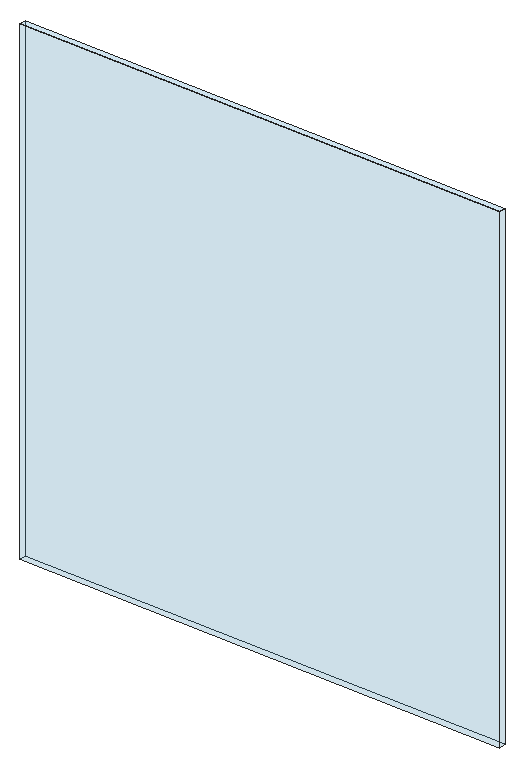
Revit family
Parameters (values of type "72" x 72"")
  Sealant = 0' - 0 3/8"
  Pocket Depth [instance] = 0' - 0 1/2"
  Head Height = Sill Height + Rough Height - Sealant  # 8' - 11 5/8"
  Depth [instance] = 0' - 3"
  Sill Height = 3' - 0"
  Rough Width = 6' - 0"
  Rough Height = 6' - 0"
  Model = "AFG301"
  Material = ""
  Manufacturer = "Arcadia"
  Sightline = 0' - 2 3/8"
  Height = Rough Height - Sealant - Sealant  # 5' - 11 1/4"
  Wall Closure = (empty or 0)
  Width = Rough Width - Sealant - Sealant  # 5' - 11 1/4"
  Glass Thickness [instance] = 0' - 1"
  Offset to Inside Face of Glass [instance] = 0' - 1 17/32"
  Construction Type = "Aluminum"
  Center of Rough Opening [instance] = Rough Width / 2  # 3' - 0"
  Center of Glass [instance] = Glass Thickness / 2  # 0' - 0 1/2"
  Center Wall to Outside Face [instance] = 0' - 2 7/8"
  CSI [instance] = yes
  Assembly Code = ""
Reference planes (in)
  plane 1 "Center (Front/Back)": y = 0
  plane 2: z = 0
  plane 3 "Center (Left/Right)": x = 12
  plane 4 "Rough Opening Bottom": z = 36
  plane 5 "Rough Opening Top": z = 108
  plane 6 "Exterior Face": y = 3.25
  plane 7 "Frame Top": z = 105.625
  plane 8 "Frame Bottom": z = 38.375
  plane 9 "Rough Opening Left": x = -24
  plane 10 "Rough Opening Right": x = 48
  plane 11 "Frame Left": x = -21.625
  plane 12 "Frame Right": x = 45.625
  plane 13 "Exterior Glass Edge": y = 1.58019
  plane 14 "Interior Glass Edge": y = 0.58019
  plane 15 "Glass Centerline": y = 1.08019
  plane 16 "Frame Outside": y = 2.04894
  plane 17 "Frame Inside": y = -0.95106
  plane 18: z = 106.125
  plane 19: z = 37.875
  plane 20: x = 46.125
  plane 21: x = -22.125
  plane 22: x = 47.625
  plane 23: x = -23.625
  plane 24: z = 107.625
  plane 25: z = 36.375
Forms (in)
  Extrusion 1, solid, material "Anodize Arcadia AC2 Clear #11", detail levels coarse
    sketch origin (0, 0, 36) x (0, -1, 0) y (1, 0, 0)
      loop
        line (-2.04894, -24) -> (0.95106, -24) -> (0.95106, -21.625) -> (-0.58019, -21.625) -> (-0.58019, -22.125) -> (-1.58019, -22.125) -> (-1.58019, -21.625) -> (-2.04894, -21.625) -> (-2.04894, -24)
    from 0 to 72 <- "Rough Height"
  Extrusion 2, solid, material "Anodize Arcadia AC2 Clear #11", detail levels coarse
    sketch origin (0, 0, 36) x (0, -1, 0) y (1, 0, 0)
      loop
        line (-2.04894, 45.625) -> (-1.58019, 45.625) -> (-1.58019, 46.125) -> (-0.58019, 46.125) -> (-0.58019, 45.625) -> (0.95106, 45.625) -> (0.95106, 48) -> (-2.04894, 48) -> (-2.04894, 45.625)
    from 0 to 72 <- "Rough Height"
  Extrusion 3, solid, material "Glass"
    sketch origin (-0.5, 0, 36) x (0, -1, 0) y (1, 0, 0)
      loop
        line (-1.58019, -21.625) -> (-0.58019, -21.625) -> (-0.58019, 46.625) -> (-1.58019, 46.625) -> (-1.58019, -21.625)
    from 1.875 to 70.125
  Extrusion 4, solid, material "Anodize Arcadia AC2 Clear #11", detail levels coarse
    sketch origin (-24, 0, 0) x (0, 1, 0) y (0, 0, 1)
      loop
        line (-0.95106, 108) -> (-0.95106, 105.625) -> (0.58019, 105.625) -> (0.58019, 106.125) -> (1.58019, 106.125) -> (1.58019, 105.625) -> (2.04894, 105.625) -> (2.04894, 108) -> (-0.95106, 108)
    from 0 to 72 <- "Rough Width"
  Extrusion 5, solid, material "Anodize Arcadia AC2 Clear #11", detail levels coarse
    sketch origin (-24, 0, 0) x (0, 1, 0) y (0, 0, 1)
      loop
        line (2.04894, 38.375) -> (1.58019, 38.375) -> (1.58019, 37.875) -> (0.58019, 37.875) -> (0.58019, 38.375) -> (-0.95106, 38.375) -> (-0.95106, 36) -> (2.04894, 36) -> (2.04894, 38.375)
    from 0 to 72 <- "Rough Width"
  Extrusion 6, void
    sketch origin (0, 0, 36) x (0, -1, 0) y (1, 0, 0)
      loop
        line (-3.25, -24) -> (4.75, -24) -> (4.75, 48) -> (-3.25, 48) -> (-3.25, -24)
    from 0 to 72 <- "Rough Height"
Lines and regions (in)
  symbolic lines, detail levels coarse
    curve 1: line (-24, 2.04894, 0) -> (-21.625, 2.04894, 0)
    curve 2: line (-21.625, 2.04894, 0) -> (-21.625, 1.58019, 0)
    curve 3: line (46.125, 1.58019, 0) -> (-22.125, 1.58019, 0)
    curve 4: line (-22.125, 1.58019, 0) -> (-22.125, 0.58019, 0)
    curve 5: line (-22.125, 0.58019, 0) -> (46.125, 0.58019, 0)
    curve 6: line (-21.625, 0.58019, 0) -> (-21.625, -0.95106, 0)
    curve 7: line (-21.625, -0.95106, 0) -> (-24, -0.95106, 0)
    curve 8: line (-24, -0.95106, 0) -> (-24, 2.04894, 0)
    curve 9: line (48, 2.04894, 0) -> (45.625, 2.04894, 0)
    curve 10: line (45.625, 2.04894, 0) -> (45.625, 1.58019, 0)
    curve 11: line (46.125, 1.58019, 0) -> (46.125, 0.58019, 0)
    curve 12: line (45.625, 0.58019, 0) -> (45.625, -0.95106, 0)
    curve 13: line (45.625, -0.95106, 0) -> (48, -0.95106, 0)
    curve 14: line (48, -0.95106, 0) -> (48, 2.04894, 0)
Text (in)
  text "EXTERIOR" at (-58.6888, 50.90694, 0), in view "Ref. Level"
  text "INTERIOR" at (-58.6888, -37.76638, 0), in view "Ref. Level"
  text "Exterior" at (0, 43.65631, 123.19604), in view "Left"
  text "Exterior" at (0, 18.29385, 125.04747), in view "Right"
Dimensions and locks (in)
  "Rough Height": plane 4 "Rough Opening Bottom" to plane 5 "Rough Opening Top"
  "Sill Height": plane 2 to plane 4 "Rough Opening Bottom"
  "Sightline": plane 7 "Frame Top" to plane 5 "Rough Opening Top"
  "Sightline": plane 4 "Rough Opening Bottom" to plane 8 "Frame Bottom"
  "Rough Width": plane 9 "Rough Opening Left" to plane 10 "Rough Opening Right"
  "Sightline": plane 9 "Rough Opening Left" to plane 11 "Frame Left"
  "Sightline": plane 12 "Frame Right" to plane 10 "Rough Opening Right"
  "Depth": plane 17 "Frame Inside" to plane 16 "Frame Outside"
  "Glass Thickness": plane 13 "Exterior Glass Edge" to plane 14 "Interior Glass Edge"
  "Center of Glass": plane 15 "Glass Centerline" to plane 14 "Interior Glass Edge"
  "Center of Rough Opening": plane 9 "Rough Opening Left" to plane 3 "Center (Left/Right)"
  "Offset to Inside Face of Glass": plane 17 "Frame Inside" to plane 14 "Interior Glass Edge"
  "Pocket Depth": plane 12 "Frame Right" to plane 20
  "Pocket Depth": plane 21 to plane 11 "Frame Left"
  "Pocket Depth": plane 7 "Frame Top" to plane 18
  "Pocket Depth": plane 19 to plane 8 "Frame Bottom"
  "Sealant": plane 22 to plane 10 "Rough Opening Right"
  "Sealant": plane 9 "Rough Opening Left" to plane 23
  "Sealant": plane 24 to plane 5 "Rough Opening Top"
  "Sealant": plane 4 "Rough Opening Bottom" to plane 25
  aligned and locked: plane 6 "Exterior Face" to host wall
  aligned and locked: Extrusion 1 sketch curve to plane 17 "Frame Inside"
  aligned and locked: plane 16 "Frame Outside" to Extrusion 1 sketch curve
  aligned and locked: Extrusion 1 sketch curve to plane 11 "Frame Left"
  aligned and locked: plane 9 "Rough Opening Left" to Extrusion 1 sketch curve
  aligned and locked: plane 12 "Frame Right" to Extrusion 2 sketch curve
  aligned and locked: Extrusion 2 sketch curve to plane 10 "Rough Opening Right"
  aligned and locked: Extrusion 2 sketch curve to plane 17 "Frame Inside"
  aligned and locked: plane 16 "Frame Outside" to Extrusion 2 sketch curve
  aligned and locked: Extrusion 3 sketch curve to plane 13 "Exterior Glass Edge"
  aligned and locked: plane 14 "Interior Glass Edge" to Extrusion 3 sketch curve
  aligned and locked: plane 5 "Rough Opening Top" to Extrusion 4 sketch curve
  aligned and locked: Extrusion 4 sketch curve to plane 7 "Frame Top"
  aligned and locked: Extrusion 4 sketch curve to plane 17 "Frame Inside"
  aligned and locked: plane 16 "Frame Outside" to Extrusion 4 sketch curve
  aligned and locked: Extrusion 5 sketch curve to plane 4 "Rough Opening Bottom"
  aligned and locked: plane 8 "Frame Bottom" to Extrusion 5 sketch curve
  aligned and locked: Extrusion 5 sketch curve to plane 17 "Frame Inside"
  aligned and locked: plane 16 "Frame Outside" to Extrusion 5 sketch curve
  aligned and locked: plane 4 "Rough Opening Bottom" to nested 3
  aligned and locked: nested 2 to plane 5 "Rough Opening Top"
  aligned and locked: plane 19 to Extrusion 3
  aligned and locked: Extrusion 3 to plane 18
  aligned and locked: plane 17 "Frame Inside" to nested 3
  aligned and locked: plane 17 "Frame Inside" to nested 2
  aligned and locked: nested 1 to plane 16 "Frame Outside"
  aligned and locked: plane 10 "Rough Opening Right" to nested 1
  aligned and locked: nested 4 to plane 9 "Rough Opening Left"
  aligned and locked: plane 17 "Frame Inside" to nested 4
  aligned and locked: plane 13 "Exterior Glass Edge" to Extrusion 5 sketch curve
  aligned and locked: Extrusion 5 sketch curve to plane 14 "Interior Glass Edge"
  aligned and locked: plane 19 to Extrusion 5 sketch curve
  aligned and locked: Extrusion 4 sketch curve to plane 13 "Exterior Glass Edge"
  aligned and locked: plane 18 to Extrusion 4 sketch curve
  aligned and locked: plane 14 "Interior Glass Edge" to Extrusion 4 sketch curve
  aligned and locked: plane 14 "Interior Glass Edge" to Extrusion 2 sketch curve
  aligned and locked: Extrusion 2 sketch curve to plane 20
  aligned and locked: Extrusion 2 sketch curve to plane 13 "Exterior Glass Edge"
  aligned and locked: Extrusion 1 sketch curve to plane 14 "Interior Glass Edge"
  aligned and locked: Extrusion 1 sketch curve to plane 21
  aligned and locked: plane 13 "Exterior Glass Edge" to Extrusion 1 sketch curve
  aligned and locked: plane 16 "Frame Outside" to curve 1
  aligned and locked: plane 9 "Rough Opening Left" to curve 8
  aligned and locked: curve 2 to plane 11 "Frame Left"
  aligned and locked: curve 6 to plane 11 "Frame Left"
  aligned and locked: curve 4 to plane 21
  aligned and locked: curve 7 to plane 17 "Frame Inside"
  aligned and locked: curve 5 to plane 14 "Interior Glass Edge"
  aligned and locked: plane 13 "Exterior Glass Edge" to curve 3
  aligned and locked: curve 10 to plane 12 "Frame Right"
  aligned and locked: curve 12 to plane 12 "Frame Right"
  aligned and locked: curve 11 to plane 20
  aligned and locked: plane 10 "Rough Opening Right" to curve 14
  aligned and locked: curve 9 to plane 16 "Frame Outside"
  aligned and locked: plane 17 "Frame Inside" to curve 13
  aligned and locked: plane 16 "Frame Outside" to import instance
  aligned and locked: import instance to plane 9 "Rough Opening Left"
  aligned and locked: import instance to plane 16 "Frame Outside"  (x3)
  aligned and locked: plane 10 "Rough Opening Right" to import instance
  aligned and locked: import instance to plane 4 "Rough Opening Bottom"
  aligned and locked: import instance to plane 5 "Rough Opening Top"
  aligned and locked: level to plane 2
  aligned and locked: plane 9 "Rough Opening Left" to Extrusion 6 sketch curve
  aligned and locked: plane 6 "Exterior Face" to Extrusion 6 sketch curve
  aligned and locked: host wall to Extrusion 6 sketch curve
  aligned and locked: plane 10 "Rough Opening Right" to Extrusion 6 sketch curve
Automatic sketch dimensions
  Extrusion 3 sketch curve to plane 21 = 0' - 0"
  Extrusion 3 sketch curve to plane 20 = 0' - 0"
  Extrusion 5 sketch curve to plane 8 "Frame Bottom" = 0' - 0"
  Extrusion 4 sketch curve to plane 7 "Frame Top" = 0' - 0"
  Extrusion 2 sketch curve to plane 12 "Frame Right" = 0' - 0"
  Extrusion 1 sketch curve to plane 11 "Frame Left" = 0' - 0"
Nested families (in)
  nested 1: "Window-Arcadia-AFG301-Med-Jamb-R" at (46.9375, 1.08019, 0) x (-1, 0, 0) z (0, 0, 1), type "Window-Arcadia-AFG301-Med-Jamb-R", detail levels medium
    with Sightline 0' - 2 3/8", Pocket Depth 0' - 0 1/2", Offset to Inside Face of Glass 0' - 1 17/32", Glass Width 0' - 1", Frame Wall Thickness 0' - 0 3/32", Depth 0' - 3", Center of Glass 0' - 0 1/2"
  nested 2: "Window-Arcadia-AFG301-Med-Head" at (33.875, 1.08019, 108) x (0, -1, 0) z (1, 0, 0), type "Window-Arcadia-AFG301-Med-Head", detail levels medium
    with Sightline 0' - 2 3/8", Pocket Depth 0' - 0 1/2", Offset to Inside Face of Glass 0' - 1 17/32", Glass Width 0' - 1", Frame Wall Thickness 0' - 0 3/32", Depth 0' - 3", Center of Glass 0' - 0 1/2"
  nested 3: "Window-Arcadia-AFG301-Med-Sill" at (33.875, 1.08019, 36) x (0, -1, 0) z (1, 0, 0), type "Window-Arcadia-AFG301-Med-Sill", detail levels medium
    with Sightline 0' - 2 3/8", Pocket Depth 0' - 0 1/2", Offset to Inside Face of Glass 0' - 1 17/32", Glass Width 0' - 1", Frame Wall Thickness 0' - 0 3/32", Depth 0' - 3", Center of Glass 0' - 0 1/2"
  nested 4: "Window-Arcadia-AFG301-Med-Jamb-L" at (-22.9375, 1.08019, 0) x (-1, 0, 0) z (0, 0, 1), type "Window-Arcadia-AFG301-Med-Jamb-L", detail levels medium
    with Sightline 0' - 2 3/8", Pocket Depth 0' - 0 1/2", Offset to Inside Face of Glass 0' - 1 17/32", Glass Width 0' - 1", Frame Wall Thickness 0' - 0 3/32", Depth 0' - 3", Center of Glass 0' - 0 1/2"
Definition of nested family "Window-Arcadia-AFG301-Med-Jamb-R"
  Parameters (values of type "Window-Arcadia-TC670-Med-Jamb-R")
    Depth [instance] = 0' - 6"
    Pocket Depth [instance] = 0' - 0 3/4"
    Offset to Inside Face of Glass [instance] = 0' - 4"
    Glass Width [instance] = 0' - 1"
    Sightline [instance] = 0' - 2 5/8"
    Center of Glass [instance] = Glass Width / 2  # 0' - 0 1/2"
    Frame Wall Thickness [instance] = 0' - 0 3/32"
    Assembly Code = ""
  Reference planes (in)
    plane 1 "Center (Front/Back)": y = 0
    plane 2: z = 0
    plane 3: x = 1.5625
    plane 4 "back": x = -1.0625
    plane 5: y = 4.5
    plane 6: y = -1.5
    plane 7 "Inside Face of Glass": y = 0.5
    plane 8: y = -0.5
    plane 9: x = 0.8125
  Lines and regions (in)
    detail lines, in view "Ref. Level", detail levels medium
      curve 1: line (-1.0625, 4.5, 0) -> (-1.0625, -1.5, 0)
      curve 2: line (-1.0625, -1.5, 0) -> (1.5625, -1.5, 0)
      curve 3: line (1.5625, -1.5, 0) -> (1.5625, -0.5, 0)
      curve 4: line (1.5625, -0.5, 0) -> (0.8125, -0.5, 0)
      curve 5: line (0.8125, -0.5, 0) -> (0.8125, 0.5, 0)
      curve 6: line (0.8125, 0.5, 0) -> (1.5625, 0.5, 0)
      curve 7: line (1.5625, 0.5, 0) -> (1.5625, 4.5, 0)
      curve 8: line (1.5625, 4.5, 0) -> (-1.0625, 4.5, 0)
      curve 9: line (1.46875, 4.40625, 0) -> (-0.96875, 4.40625, 0)
      curve 10: line (-0.96875, 4.40625, 0) -> (-0.96875, -1.40625, 0)
      curve 11: line (-0.96875, -1.40625, 0) -> (1.46875, -1.40625, 0)
      curve 12: line (1.46875, -1.40625, 0) -> (1.46875, -0.59375, 0)
      curve 13: line (1.46875, -0.59375, 0) -> (0.71875, -0.59375, 0)
      curve 14: line (0.71875, -0.59375, 0) -> (0.71875, 0.59375, 0)
      curve 15: line (0.71875, 0.59375, 0) -> (1.46875, 0.59375, 0)
      curve 16: line (1.46875, 0.59375, 0) -> (1.46875, 4.40625, 0)
      curve 17: line (1.5625, 4.5, 0) -> (-1.0625, 4.5, 0)
      curve 18: line (-1.0625, 4.40625, 0) -> (-1.0625, -1.5, 0)
  Dimensions and locks (in)
    "Sightline": plane 4 "back" to plane 3
    "Depth": plane 5 to plane 6
    "Center of Glass": plane 1 "Center (Front/Back)" to plane 7 "Inside Face of Glass"
    "Glass Width": plane 8 to plane 7 "Inside Face of Glass"
    "Pocket Depth": plane 9 to plane 3
    "Offset to Inside Face of Glass": plane 5 to plane 7 "Inside Face of Glass"
    "Frame Wall Thickness": plane 5 to curve 9
    "Frame Wall Thickness": plane 4 "back" to curve 10
    "Frame Wall Thickness": curve 11 to plane 6
    "Frame Wall Thickness": curve 12 to plane 3
    "Frame Wall Thickness": curve 13 to plane 8
    "Frame Wall Thickness": plane 7 "Inside Face of Glass" to curve 15
    "Frame Wall Thickness": curve 14 to plane 9
    "Frame Wall Thickness": curve 16 to plane 3
    aligned and locked: plane 5 to curve 8
    aligned and locked: curve 1 to plane 4 "back"
    aligned and locked: curve 2 to plane 6
    aligned and locked: plane 3 to curve 3
    aligned and locked: curve 4 to plane 8
    aligned and locked: plane 9 to curve 5
    aligned and locked: plane 7 "Inside Face of Glass" to curve 6
    aligned and locked: plane 3 to curve 7
  Automatic sketch dimensions
    curve 18 to curve 9 = 0' - 0"
Definition of nested family "Window-Arcadia-AFG301-Med-Head"
  Parameters (values of type "Window-Arcadia-A400-Med-Head")
    Depth [instance] = 0' - 6"
    Pocket Depth [instance] = 0' - 0 1/2"
    Offset to Inside Face of Glass [instance] = 0' - 4"
    Glass Width [instance] = 0' - 1"
    Sightline [instance] = 0' - 2 5/8"
    Center of Glass [instance] = Glass Width / 2  # 0' - 0 1/2"
    Frame Wall Thickness [instance] = 0' - 0 3/32"
    Assembly Code = ""
  Reference planes (in)
    plane 1 "Center (Front/Back)": y = 0
    plane 2: z = 0
    plane 3 "Center (Left/Right)": x = 0
    plane 4: x = -0.5
    plane 5 "Inside Face of Glass": x = 0.5
    plane 6: y = -2.625
    plane 7: x = 4.5
    plane 8: x = -1.5
    plane 9: y = -2.125
  Lines and regions (in)
    detail lines, in view "Ref. Level", detail levels medium
      curve 1: line (-1.5, 0, 0) -> (-1.5, -2.625, 0)
      curve 2: line (-1.5, -2.625, 0) -> (-0.5, -2.625, 0)
      curve 3: line (-0.5, -2.625, 0) -> (-0.5, -2.125, 0)
      curve 4: line (-0.5, -2.125, 0) -> (0.5, -2.125, 0)
      curve 5: line (0.5, -2.125, 0) -> (0.5, -2.625, 0)
      curve 6: line (0.5, -2.625, 0) -> (4.5, -2.625, 0)
      curve 7: line (4.5, -2.625, 0) -> (4.5, 0, 0)
      curve 8: line (4.5, 0, 0) -> (-1.5, 0, 0)
      curve 9: line (-1.40625, -0.09375, 0) -> (-1.40625, -2.53125, 0)
      curve 10: line (4.40625, -0.09375, 0) -> (-1.40625, -0.09375, 0)
      curve 11: line (4.40625, -2.53125, 0) -> (4.40625, -0.09375, 0)
      curve 12: line (0.59375, -2.53125, 0) -> (4.40625, -2.53125, 0)
      curve 13: line (-1.40625, -2.53125, 0) -> (-0.59375, -2.53125, 0)
      curve 14: line (-0.59375, -2.53125, 0) -> (-0.59375, -2.03125, 0)
      curve 15: line (-0.59375, -2.03125, 0) -> (0.59375, -2.03125, 0)
      curve 16: line (0.59375, -2.03125, 0) -> (0.59375, -2.53125, 0)
  Dimensions and locks (in)
    "Sightline": plane 6 to plane 1 "Center (Front/Back)"
    "Depth": plane 8 to plane 7
    "Pocket Depth": plane 6 to plane 9
    "Offset to Inside Face of Glass": plane 5 "Inside Face of Glass" to plane 7
    "Glass Width": plane 4 to plane 5 "Inside Face of Glass"
    "Center of Glass": plane 3 "Center (Left/Right)" to plane 5 "Inside Face of Glass"
    "Frame Wall Thickness": plane 8 to curve 9
    "Frame Wall Thickness": curve 10 to plane 1 "Center (Front/Back)"
    "Frame Wall Thickness": curve 11 to plane 7
    "Frame Wall Thickness": plane 6 to curve 12
    "Frame Wall Thickness": plane 6 to curve 13
    "Frame Wall Thickness": plane 9 to curve 15
    "Frame Wall Thickness": plane 5 "Inside Face of Glass" to curve 16
    "Frame Wall Thickness": curve 14 to plane 4
    aligned and locked: curve 8 to plane 1 "Center (Front/Back)"
    aligned and locked: plane 7 to curve 7
    aligned and locked: curve 1 to plane 8
    aligned and locked: plane 9 to curve 4
    aligned and locked: plane 4 to curve 3
    aligned and locked: plane 6 to curve 2
    aligned and locked: plane 6 to curve 6
  Automatic sketch dimensions
    curve 5 to plane 5 "Inside Face of Glass" = 0' - 0"
Definition of nested family "Window-Arcadia-AFG301-Med-Sill"
  Parameters (values of type "Window-Arcadia-A400-Med-Sill")
    Depth [instance] = 0' - 6"
    Pocket Depth [instance] = 0' - 0 1/2"
    Offset to Inside Face of Glass [instance] = 0' - 4"
    Glass Width [instance] = 0' - 1"
    Sightline [instance] = 0' - 2 5/8"
    Center of Glass [instance] = Glass Width / 2  # 0' - 0 1/2"
    Frame Wall Thickness [instance] = 0' - 0 3/32"
    Assembly Code = ""
  Reference planes (in)
    plane 1 "Center (Front/Back)": y = 0
    plane 2: z = 0
    plane 3 "Center (Left/Right)": x = 0
    plane 4: x = -0.5
    plane 5 "Inside Face of Glass": x = 0.5
    plane 6: y = 2.625
    plane 7: x = 4.5
    plane 8: x = -1.5
    plane 9: y = 2.125
  Lines and regions (in)
    detail lines, in view "Ref. Level", detail levels medium
      curve 1: line (-1.5, 2.625, 0) -> (-1.5, 0, 0)
      curve 2: line (-1.5, 0, 0) -> (4.5, 0, 0)
      curve 3: line (4.5, 0, 0) -> (4.5, 2.625, 0)
      curve 4: line (4.5, 2.625, 0) -> (0.5, 2.625, 0)
      curve 5: line (0.5, 2.625, 0) -> (0.5, 2.125, 0)
      curve 6: line (0.5, 2.125, 0) -> (-0.5, 2.125, 0)
      curve 7: line (-0.5, 2.125, 0) -> (-0.5, 2.625, 0)
      curve 8: line (-0.5, 2.625, 0) -> (-1.5, 2.625, 0)
      curve 9: line (-0.59375, 2.53125, 0) -> (-1.40625, 2.53125, 0)
      curve 10: line (-1.40625, 2.53125, 0) -> (-1.40625, 0.09375, 0)
      curve 11: line (-1.40625, 0.09375, 0) -> (4.40625, 0.09375, 0)
      curve 12: line (4.40625, 0.09375, 0) -> (4.40625, 2.53125, 0)
      curve 13: line (4.40625, 2.53125, 0) -> (0.59375, 2.53125, 0)
      curve 14: line (0.59375, 2.53125, 0) -> (0.59375, 2.03125, 0)
      curve 15: line (0.59375, 2.03125, 0) -> (-0.59375, 2.03125, 0)
      curve 16: line (-0.59375, 2.03125, 0) -> (-0.59375, 2.53125, 0)
  Dimensions and locks (in)
    "Pocket Depth": plane 9 to plane 6
    "Sightline": plane 1 "Center (Front/Back)" to plane 6
    "Depth": plane 8 to plane 7
    "Offset to Inside Face of Glass": plane 5 "Inside Face of Glass" to plane 7
    "Glass Width": plane 4 to plane 5 "Inside Face of Glass"
    "Center of Glass": plane 3 "Center (Left/Right)" to plane 5 "Inside Face of Glass"
    "Frame Wall Thickness": curve 9 to plane 6
    "Frame Wall Thickness": plane 8 to curve 10
    "Frame Wall Thickness": plane 1 "Center (Front/Back)" to curve 11
    "Frame Wall Thickness": curve 12 to plane 7
    "Frame Wall Thickness": curve 13 to plane 6
    "Frame Wall Thickness": plane 5 "Inside Face of Glass" to curve 14
    "Frame Wall Thickness": curve 15 to plane 9
    "Frame Wall Thickness": curve 16 to plane 4
    aligned and locked: plane 1 "Center (Front/Back)" to curve 2
    aligned and locked: plane 7 to curve 3
    aligned and locked: curve 1 to plane 8
    aligned and locked: curve 8 to plane 6
    aligned and locked: curve 4 to plane 6
    aligned and locked: curve 6 to plane 9
    aligned and locked: curve 5 to plane 5 "Inside Face of Glass"
    aligned and locked: plane 4 to curve 7
  Automatic sketch dimensions
    curve 7 to plane 9 = 0' - 0"
Definition of nested family "Window-Arcadia-AFG301-Med-Jamb-L"
  Parameters (values of type "Window-Arcadia-TC670-Med-Jamb-L")
    Depth [instance] = 0' - 6"
    Pocket Depth [instance] = 0' - 0 1/2"
    Offset to Inside Face of Glass [instance] = 0' - 4"
    Glass Width [instance] = 0' - 1"
    Sightline [instance] = 0' - 2 1/8"
    Center of Glass [instance] = Glass Width / 2  # 0' - 0 1/2"
    Frame Wall Thickness [instance] = 0' - 0 3/32"
    Assembly Code = ""
  Reference planes (in)
    plane 1 "Center (Front/Back)": y = 0
    plane 2: z = 0
    plane 3 "BACK": x = 1.0625
    plane 4 "FRONT": x = -1.0625
    plane 5: y = 1.5
    plane 6: y = -4.5
    plane 7 "Inside Face of Glass": y = 0.5
    plane 8: y = -0.5
    plane 9: x = -0.5625
  Lines and regions (in)
    detail lines, in view "Ref. Level", detail levels medium
      curve 1: line (1.0625, 1.5, 0) -> (1.0625, -4.5, 0)
      curve 2: line (1.0625, -4.5, 0) -> (-1.0625, -4.5, 0)
      curve 3: line (-1.0625, -4.5, 0) -> (-1.0625, -0.5, 0)
      curve 4: line (-1.0625, -0.5, 0) -> (-0.5625, -0.5, 0)
      curve 5: line (-0.5625, -0.5, 0) -> (-0.5625, 0.5, 0)
      curve 6: line (-0.5625, 0.5, 0) -> (-1.0625, 0.5, 0)
      curve 7: line (-1.0625, 0.5, 0) -> (-1.0625, 1.5, 0)
      curve 8: line (-1.0625, 1.5, 0) -> (1.0625, 1.5, 0)
      curve 9: line (-0.96875, 1.40625, 0) -> (0.96875, 1.40625, 0)
      curve 10: line (-0.96875, 0.59375, 0) -> (-0.96875, 1.40625, 0)
      curve 11: line (-0.46875, 0.59375, 0) -> (-0.96875, 0.59375, 0)
      curve 12: line (-0.46875, -0.59375, 0) -> (-0.46875, 0.59375, 0)
      curve 13: line (-0.96875, -0.59375, 0) -> (-0.46875, -0.59375, 0)
      curve 14: line (-0.96875, -4.40625, 0) -> (-0.96875, -0.59375, 0)
      curve 15: line (0.96875, -4.40625, 0) -> (-0.96875, -4.40625, 0)
      curve 16: line (0.96875, 1.40625, 0) -> (0.96875, -4.40625, 0)
  Dimensions and locks (in)
    "Depth": plane 5 to plane 6
    "Pocket Depth": plane 4 "FRONT" to plane 9
    "Sightline": plane 4 "FRONT" to plane 3 "BACK"
    "Glass Width": plane 8 to plane 7 "Inside Face of Glass"
    "Center of Glass": plane 1 "Center (Front/Back)" to plane 7 "Inside Face of Glass"
    "Frame Wall Thickness": plane 4 "FRONT" to curve 10
    "Frame Wall Thickness": plane 5 to curve 9
    "Frame Wall Thickness": curve 15 to plane 6
    "Frame Wall Thickness": curve 13 to plane 8
    "Frame Wall Thickness": plane 9 to curve 12
    "Frame Wall Thickness": plane 7 "Inside Face of Glass" to curve 11
    "Frame Wall Thickness": plane 4 "FRONT" to curve 14
    "Offset to Inside Face of Glass": plane 6 to plane 8
    aligned and locked: curve 8 to plane 5
    aligned and locked: curve 1 to plane 3 "BACK"
    aligned and locked: plane 6 to curve 2
    aligned and locked: curve 3 to plane 4 "FRONT"
    aligned and locked: plane 8 to curve 4
    aligned and locked: plane 9 to curve 5
    aligned and locked: curve 6 to plane 7 "Inside Face of Glass"
    aligned and locked: plane 4 "FRONT" to curve 7
  Automatic sketch dimensions
    curve 16 to plane 3 "BACK" = 0' - 0 3/32"
